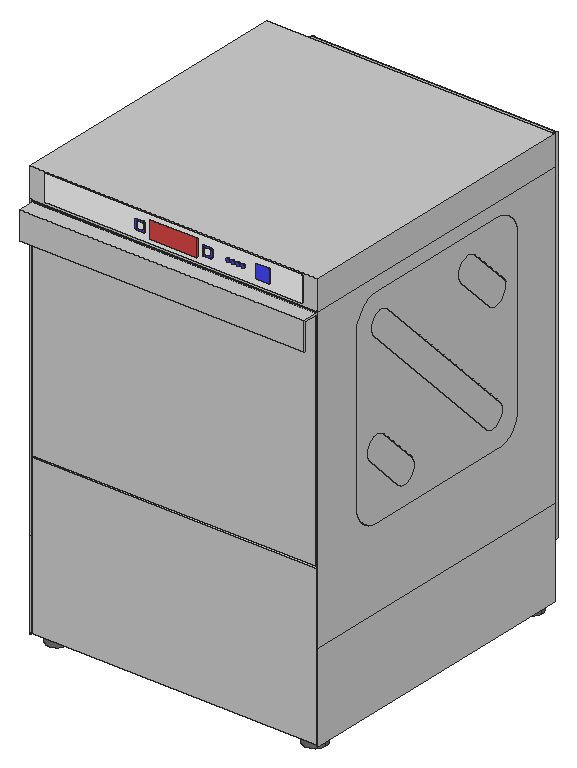
Revit family "QF_HOONVED_HSP4A", category Attrezzature speciali, Revit 2019
Family settings
  Quota connettore circolare = Usa diametro
  Tipo di parte = Normale
  Numero OmniClass = 23.40.40.14
  Titolo OmniClass = Food Service Equipment
  Basato su piano di lavoro = No
  Sempre verticale = Sì
  Taglio con vuoti quando caricato = No
  Condiviso = No
  Punto di calcolo locali = No
Parameters (values of type "H56601")
  URL catalogo = "https://www.hoonved.com/prodotti/lavabicchieri-e-lavastoviglie-sottobanco/hsp/"
  URL = "https://www.hoonved.com/"
  Tensione = 230 V
  Temperatura raccomandata per acqua fredda = 15 °C
  Show Logo [instance] = yes
  Show Clearance [instance] = yes
  Protezione contro le sovracorrenti = 16 A
  Profondità = 521 mm
  Potenza elettrica = 3060 W
  Pessione minima acqua fredda = 20000.0 Pa
  Peso netto = 37.00 kg
  Numero dei poli = 1
  Modello = "HSP4A"
  Produttore = "HOONVED"
  Lunghezza = 460 mm
  Frequenza = 50 Hz
  Fase = 1
  Diametro dello scarico diretto di acqua = 1 3/8"
  Diametro condotta acqua fredda = 3/4"
  Descrizione = "SINGLE-PHASE GLASSWASHER WITH WATER SOFTENER"
  Corrente di funzionamento normale = 13.4 A
  Assembly Code = ""
  Altezza dello scarico diretto acqua da pavimento finito = 36 mm
  Altezza allacciamento elettrico da pavimento finito = 47 mm
  Altezza allacciamento acqua fredda da pavimento finito = 36 mm
  Altezza = 673 mm
Reference planes
  plane 1 "Back": y = 0
  plane 2: z = 0
  plane 3 "Left": x = 0
  plane 4 "Right": x = 460
  plane 5 "Front": y = -521
  plane 6 "Top": z = 680
Forms (mm)
  Extrusion 1, solid
    sketch origin (-369.112, 109.335, 0) x (0, 1, 0) y (0, 0, 1)
      loop
        line (-154.335, 655.952) -> (-154.335, 663.556) -> (-157.335, 663.556) -> (-157.335, 55.556) -> (-154.335, 55.556) -> (-154.335, 64.038) -> (-111.121, 68.677)
        arc (-111.121, 68.677) -> (-109.847, 69.329) -> (-109.335, 70.665) r 2
        line (-109.335, 70.665) -> (-109.335, 648.412)
        arc (-109.335, 648.412) -> (-109.86, 649.763) -> (-111.16, 650.404) r 2
        line (-111.16, 650.404) -> (-127.335, 655.009) -> (-154.335, 655.952)
    from 404.112 to 794.112
  Extrusion 2, solid
    sketch origin (-369.112, 109.335, 7) x (0, 1, 0) y (0, 0, 1)
      loop
        line (-157.335, 626) -> (-157.335, 673) -> (-629.335, 673) -> (-629.335, 626) -> (-157.335, 626)
    from 369.112 to 829.112
  Extrusion 3, solid
    sketch origin (130.888, 109.335, 305) x (1, 0, 0) y (0, 1, 0)
      loop
        line (-130.888, -157.335) -> (-130.888, -629.335) -> (-127.888, -629.335) -> (-127.888, -599.335) -> (326.112, -599.335) -> (326.112, -629.335) -> (329.112, -629.335) -> (329.112, -157.335) -> (-130.888, -157.335)
    from -153 to 328
  Extrusion 4, solid
    sketch origin (-0.2, 109.335, 0) x (0, 1, 0) y (0, 0, 1)
      loop
        line (-273.335, 610.282) -> (-513.335, 610.282)
        arc (-513.335, 610.282) -> (-541.619, 598.567) -> (-553.335, 570.282) r 40
        line (-553.335, 570.282) -> (-553.335, 320.282)
        arc (-553.335, 320.282) -> (-541.619, 291.998) -> (-513.335, 280.282) r 40
        line (-513.335, 280.282) -> (-273.335, 280.282)
        arc (-273.335, 280.282) -> (-245.05, 291.998) -> (-233.335, 320.282) r 40
        line (-233.335, 320.282) -> (-233.335, 570.282)
        arc (-233.335, 570.282) -> (-245.05, 598.567) -> (-273.335, 610.282) r 40
      loop
        arc (-490.387, 576.445) -> (-504.337, 582.483) -> (-518.456, 576.853) r 19.8
        arc (-518.456, 576.853) -> (-524.626, 562.794) -> (-519.011, 548.504) r 20
        line (-519.011, 548.504) -> (-296.656, 318.426)
        arc (-296.656, 318.426) -> (-282.566, 312.326) -> (-268.304, 318.013) r 20
        arc (-268.304, 318.013) -> (-262.196, 331.932) -> (-267.754, 346.079) r 19.8
        line (-267.754, 346.079) -> (-490.387, 576.445)
      loop
        arc (-317.21, 576.951) -> (-331.16, 582.989) -> (-345.279, 577.36) r 19.8
        arc (-345.279, 577.36) -> (-351.449, 563.3) -> (-345.834, 549.01) r 20
        line (-345.834, 549.01) -> (-290.239, 491.484)
        arc (-290.239, 491.484) -> (-276.149, 485.385) -> (-261.887, 491.071) r 20
        arc (-261.887, 491.071) -> (-255.779, 504.99) -> (-261.338, 519.138) r 19.8
        line (-261.338, 519.138) -> (-317.21, 576.951)
      loop
        line (-527.455, 373.565) -> (-471.525, 315.806)
        arc (-471.525, 315.806) -> (-457.57, 309.782) -> (-443.456, 315.425) r 19.8
        arc (-443.456, 315.425) -> (-437.3, 329.491) -> (-442.929, 343.775) r 20
        line (-442.929, 343.775) -> (-498.58, 401.247)
        arc (-498.58, 401.247) -> (-512.676, 407.332) -> (-526.932, 401.632) r 20
        arc (-526.932, 401.632) -> (-533.027, 387.707) -> (-527.455, 373.565) r 19.8
    from 0 to 2
  Extrusion 5, solid
    sketch origin (460.2, 109.335, 0) x (0, 1, 0) y (0, 0, -1)
      loop
        arc (-273.335, -610.282) -> (-245.05, -598.567) -> (-233.335, -570.282) r 40
        line (-233.335, -570.282) -> (-233.335, -320.282)
        arc (-233.335, -320.282) -> (-245.05, -291.998) -> (-273.335, -280.282) r 40
        line (-273.335, -280.282) -> (-513.335, -280.282)
        arc (-513.335, -280.282) -> (-541.619, -291.998) -> (-553.335, -320.282) r 40
        line (-553.335, -320.282) -> (-553.335, -570.282)
        arc (-553.335, -570.282) -> (-541.619, -598.567) -> (-513.335, -610.282) r 40
        line (-513.335, -610.282) -> (-273.335, -610.282)
      loop
        line (-490.387, -576.445) -> (-267.754, -346.079)
        arc (-267.754, -346.079) -> (-262.196, -331.932) -> (-268.304, -318.013) r 19.8
        arc (-268.304, -318.013) -> (-282.566, -312.326) -> (-296.656, -318.426) r 20
        line (-296.656, -318.426) -> (-519.011, -548.504)
        arc (-519.011, -548.504) -> (-524.626, -562.794) -> (-518.456, -576.853) r 20
        arc (-518.456, -576.853) -> (-504.337, -582.483) -> (-490.387, -576.445) r 19.8
      loop
        line (-317.21, -576.951) -> (-261.338, -519.138)
        arc (-261.338, -519.138) -> (-255.779, -504.99) -> (-261.887, -491.071) r 19.8
        arc (-261.887, -491.071) -> (-276.149, -485.385) -> (-290.239, -491.484) r 20
        line (-290.239, -491.484) -> (-345.834, -549.01)
        arc (-345.834, -549.01) -> (-351.449, -563.3) -> (-345.279, -577.36) r 20
        arc (-345.279, -577.36) -> (-331.16, -582.989) -> (-317.21, -576.951) r 19.8
      loop
        arc (-527.455, -373.565) -> (-533.027, -387.707) -> (-526.932, -401.632) r 19.8
        arc (-526.932, -401.632) -> (-512.676, -407.332) -> (-498.58, -401.247) r 20
        line (-498.58, -401.247) -> (-442.929, -343.775)
        arc (-442.929, -343.775) -> (-437.3, -329.491) -> (-443.456, -315.425) r 20
        arc (-443.456, -315.425) -> (-457.57, -309.782) -> (-471.525, -315.806) r 19.8
        line (-471.525, -315.806) -> (-527.455, -373.565)
    from 0 to 2
  Extrusion 6, solid
    sketch origin (130.888, 109.335, 165) x (1, 0, 0) y (0, 1, 0)
      loop
        line (-130.888, -157.335) -> (-130.888, -629.335) -> (-127.888, -629.335) -> (-127.888, -599.335) -> (326.112, -599.335) -> (326.112, -629.335) -> (329.112, -629.335) -> (329.112, -157.335) -> (-130.888, -157.335)
    from -153 to -13
  Extrusion 7, solid
    sketch origin (-369.112, -490, 0) x (1, 0, 0) y (0, 0, 1)
      loop
        line (826.612, 264.445) -> (371.612, 264.445) -> (371.612, 13.94) -> (826.612, 13.94) -> (826.612, 264.445)
    from 0 to 30
  Extrusion 8, solid
    sketch origin (130.888, 109.335, 0) x (1, 0, 0) y (0, 0, 1)
      loop
        line (-125.888, 629.9) -> (-125.888, 267.9) -> (324.412, 267.9) -> (324.412, 629.9) -> (-125.888, 629.9)
    from 599.335 to 629.335
  Extrusion 9, solid
    sketch origin (-369.112, -518.2, 7) x (1, 0, 0) y (0, 0, 1)
      loop
        line (393.38, 667.5) -> (393.38, 631.5)
        arc (393.38, 631.5) -> (394.181, 629.568) -> (396.112, 628.768) r 2.732
        line (396.112, 628.768) -> (802.112, 628.768)
        arc (802.112, 628.768) -> (804.044, 629.568) -> (804.844, 631.5) r 2.732
        line (804.844, 631.5) -> (804.844, 667.5)
        arc (804.844, 667.5) -> (804.044, 669.432) -> (802.112, 670.232) r 2.732
        line (802.112, 670.232) -> (396.112, 670.232)
        arc (396.112, 670.232) -> (394.181, 669.432) -> (393.38, 667.5) r 2.732
    from 0 to 2
  Extrusion 10, solid
    sketch origin (-369.112, -518.4, -28) x (1, 0, 0) y (0, 0, 1)
      loop
        line (561.612, 670.5) -> (636.612, 670.5) -> (636.612, 698.556) -> (561.612, 698.556) -> (561.612, 670.5)
    from 0 to 2
  Extrusion 11, solid
    sketch origin (-376.934, -518.4, -77.384) x (1, 0, 0) y (0, 0, 1)
      loop
        arc (739.934, 744.884) -> (738.52, 744.299) -> (737.934, 742.884) r 2
        line (737.934, 742.884) -> (737.934, 724.884)
        arc (737.934, 724.884) -> (738.52, 723.47) -> (739.934, 722.884) r 2
        line (739.934, 722.884) -> (757.934, 722.884)
        arc (757.934, 722.884) -> (759.348, 723.47) -> (759.934, 724.884) r 2
        line (759.934, 724.884) -> (759.934, 742.884)
        arc (759.934, 742.884) -> (759.348, 744.299) -> (757.934, 744.884) r 2
        line (757.934, 744.884) -> (739.934, 744.884)
      loop
        line (558.434, 741.884) -> (548.434, 741.884)
        arc (548.434, 741.884) -> (546.313, 741.006) -> (545.434, 738.884) r 3
        line (545.434, 738.884) -> (545.434, 728.884)
        arc (545.434, 728.884) -> (546.313, 726.763) -> (548.434, 725.884) r 3
        line (548.434, 725.884) -> (558.434, 725.884)
        arc (558.434, 725.884) -> (560.555, 726.763) -> (561.434, 728.884) r 3
        line (561.434, 728.884) -> (561.434, 738.884)
        arc (561.434, 738.884) -> (560.555, 741.006) -> (558.434, 741.884) r 3
      loop
        line (665.442, 741.884) -> (655.442, 741.884)
        arc (655.442, 741.884) -> (653.321, 741.006) -> (652.442, 738.884) r 3
        line (652.442, 738.884) -> (652.442, 728.884)
        arc (652.442, 728.884) -> (653.321, 726.763) -> (655.442, 725.884) r 3
        line (655.442, 725.884) -> (665.442, 725.884)
        arc (665.442, 725.884) -> (667.563, 726.763) -> (668.442, 728.884) r 3
        line (668.442, 728.884) -> (668.442, 738.884)
        arc (668.442, 738.884) -> (667.563, 741.006) -> (665.442, 741.884) r 3
      loop
        circle (693.434, 733.884) r 3.1
      loop
        circle (701.434, 733.884) r 3.1
      loop
        circle (709.434, 733.884) r 3.1
      loop
        circle (717.434, 733.884) r 3.1
      loop
        arc (548.434, 739.884) -> (547.727, 739.592) -> (547.434, 738.884) r 1
        line (547.434, 738.884) -> (547.434, 728.884)
        arc (547.434, 728.884) -> (547.727, 728.177) -> (548.434, 727.884) r 1
        line (548.434, 727.884) -> (558.434, 727.884)
        arc (558.434, 727.884) -> (559.141, 728.177) -> (559.434, 728.884) r 1
        line (559.434, 728.884) -> (559.434, 738.884)
        arc (559.434, 738.884) -> (559.141, 739.592) -> (558.434, 739.884) r 1
        line (558.434, 739.884) -> (548.434, 739.884)
      loop
        arc (655.442, 739.884) -> (654.735, 739.592) -> (654.442, 738.884) r 1
        line (654.442, 738.884) -> (654.442, 728.884)
        arc (654.442, 728.884) -> (654.735, 728.177) -> (655.442, 727.884) r 1
        line (655.442, 727.884) -> (665.442, 727.884)
        arc (665.442, 727.884) -> (666.149, 728.177) -> (666.442, 728.884) r 1
        line (666.442, 728.884) -> (666.442, 738.884)
        arc (666.442, 738.884) -> (666.149, 739.592) -> (665.442, 739.884) r 1
        line (665.442, 739.884) -> (655.442, 739.884)
    from 0 to 2
  Extrusion 12, solid
    sketch origin (-344.112, 91.835, 0) x (1, 0, 0) y (0, 1, 0)
      loop
        circle (369.112, -157.335) r 17.5
      loop
        circle (369.112, -587.335) r 17.5
      loop
        circle (779.112, -157.335) r 17.5
      loop
        circle (779.112, -587.335) r 17.5
    from 0 to 12
  Extrusion 13, solid, visible <- "Show Clearance", detail levels coarse
    sketch origin (-369.112, 109.335, 0) x (0, 1, 0) y (0, 0, 1)
      loop
        line (-629.335, 267.9) -> (-629.335, 629.9)
        arc (-629.335, 629.9) -> (-885.307, 523.873) -> (-991.335, 267.9) r 362
        line (-991.335, 267.9) -> (-629.335, 267.9)
    from 374.112 to 824.412
  Extrusion 14, solid
    sketch origin (-339.112, -47.8, 35) x (1, 0, 0) y (0, 0, 1)
      loop
        circle (369.112, 12) r 15
    from 0 to 2
  Extrusion 15, solid
    sketch origin (-139.112, -47.8, 24) x (1, 0, 0) y (0, 0, 1)
      loop
        circle (369.112, 12) r 19
    from 0 to 2
  Extrusion 16, solid
    sketch origin (-84.112, -47.8, 24) x (1, 0, 0) y (0, 0, 1)
      loop
        circle (369.112, 12) r 19
    from 0 to 2
  Extrusion 17, solid
    sketch origin (457, -520, 305) x (0, 1, 0) y (0, 0, -1)
      loop
        line (0, -324.9) -> (0, -322.9) -> (-23, -322.9) -> (-23, -279.9) -> (-25, -279.9) -> (-25, -324.9) -> (0, -324.9)
    from 0 to 452
Lines and regions (mm)
  symbolic lines, style "200-EquipBorder-2D"
    curve 1: line (460, -48, 0) -> (0, -48, 0)
    curve 2: line (35, 0, 0) -> (35, -48, 0)
    curve 3: line (425, 0, 0) -> (35, 0, 0)
    curve 4: line (425, -48, 0) -> (425, 0, 0)
    curve 5: line (460, -520, 0) -> (460, -48, 0)
    curve 6: line (0, -48, 0) -> (0, -520, 0)
    curve 7: line (0, -520, 0) -> (460, -520, 0)
  symbolic lines, style "QF_Door-Drawer Clearances", visible <- "Show Clearance"
    curve 8: line (5, -520, 0) -> (5, -882, 0)
    curve 9: line (455.3, -882, 0) -> (5, -882, 0)
    curve 10: line (455.3, -882, 0) -> (455.3, -520, 0)
Dimensions and locks
  plane 3 "Left" to plane 4 "Right" = 460 mm
  plane 5 "Front" to plane 1 "Back" = 521 mm
  plane 6 "Top" to level = 680 mm
  aligned and locked: level to plane 2
  aligned and locked: Extrusion 17 to Extrusion 3
  aligned and locked: Extrusion 8 to Extrusion 17
Connectors
  electrical at (30, -47.8, 47)
    settings: on Extrusion 14, index 1, voltage 0 V, apparent load 0 VA, apparent load phase1 0 VA, apparent load phase2 0 VA, apparent load phase3 0 VA, power factor 1, load classification "Other", number of poles 1, system type 31, power factor state 1, is connector primary yes, connector utility no, sub classification motor no, connector description "electrical connection"
  piping at (230, -47.8, 36), diameter 19
    settings: on Extrusion 15, index 2, connector inside diameter 24", connector length 0 mm, flow factor 0, pipe flow 0.0 L/s, pressure drop 0.0 Pa, fitting loss kfactor 0, connector angle 0.00°, fixture units 0, engagement length 0 mm, angle of deflection 0.00°, flow configuration 1, flow direction 2, fitting loss method 0, system type 16, joint type 0, gender type 0, connector reference index -1, connector utility 0, adjustable connector no, is connector primary yes, connector description "drain connection"
  piping at (285, -47.8, 36), diameter 19
    settings: on Extrusion 16, index 3, connector inside diameter 24", connector length 0 mm, flow factor 0, pipe flow 0.0 L/s, pressure drop 0.0 Pa, fitting loss kfactor 0, connector angle 0.00°, fixture units 0, engagement length 0 mm, angle of deflection 0.00°, flow configuration 1, flow direction 1, fitting loss method 0, system type 20, joint type 0, gender type 0, connector reference index -1, connector utility 0, adjustable connector no, is connector primary no, connector description "water inlet"
